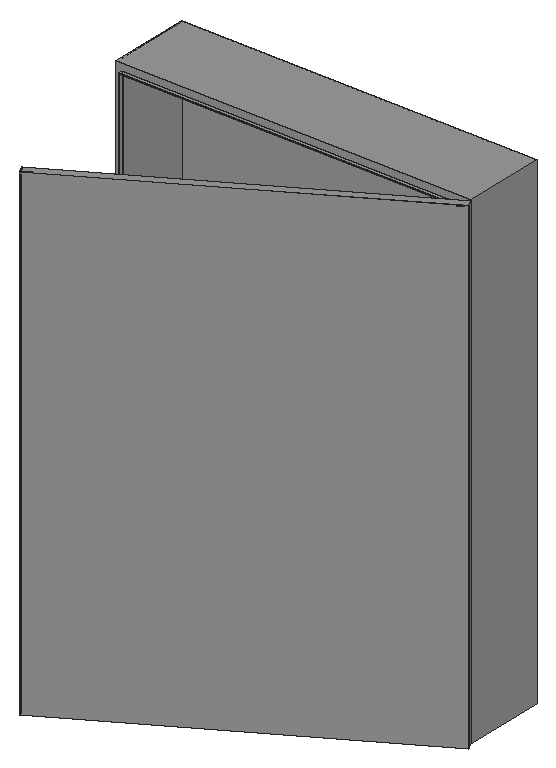
Revit family "Hager-Univers-IP54-D205-H1100-Cl.II-Encl-NoHosted-AT-de", category Equipement électrique, Revit 2020
Family settings
  Configuration du panneau = Deux colonnes, circuits au sein
  Cote de connecteur circulaire = Utiliser le diamètre
  Type d'élément = Tableau de raccordement
  Basée sur le plan de construction = Oui
  Toujours verticalement = Oui
  Couper avec des vides une fois chargée = Non
  Partagée = Non
  Point de calcul de pièce = Non
Parameters (values of type "Aufputz IP54 B800 H1100 T205  - FP73SW2")
  Width Control [instance] = if([EF000008 - Breite] > Min Width, [EF000008 - Breite], Min Width)  # 800 mm
  Commentaires du type = [HG000003 - Bereich]  # "Univers"
  Thickness Door [instance] = if([EF009171 - Materialstärke Tür/Deckel] > 3 mm, 3 mm, [EF009171 - Materialstärke Tür/Deckel])  # 1 mm
  Seal Frame Offset [instance] = 17 mm  # constant formula
  Plinth Visibility [instance] = [HG000027 - Sockelhöhe] > 0 mm  # no
  Min Width [instance] = 100 mm  # constant formula
  Min Depth [instance] = (2 * [EF009170 - Materialstärke Gehäuse]) + 1 mm  # 3 mm
  Min Height [instance] = 100 mm  # constant formula
  Internal Frame Depth [instance] = (Door System Depth * 0.5)  # 9 mm
  Panel Name [instance] = ""  # (empty or 0)
  Model = ""
  HG000027 - Sockelhöhe = 0 mm
  HG000026 - Stehend auf dem Boden = no
  HG000024 - Höhe des unteren Teils = 600 mm
  HG000023 - Gehäuse mit doppeltem Querschnitt = no
  HG000016 - 3D-Türsichtbarkeit [instance] = yes
  HG000015 - Sichtbarkeit der Türöffnung [instance] = no
  HG000014 - Tür rechts [instance] = yes
  HG000013 - Tür links [instance] = not([HG000014 - Tür rechts])  # no
  HG000012 - Türschwenkwinkel [instance] = 30.00°
  HG000010 - Asymmetrische Türen = no
  HG000009 - Doppelflügeligen Tür = no
  HG000006 - Unterputz = no
  HG000004 - Herstellerreferenz = "FP73SW2"
  HG000003 - Bereich = "Univers"
  HG000002 - Mit tür = yes
  Frame Offset Bottom [instance] = 10 mm  # constant formula
  Frame Offset [instance] = 15 mm  # constant formula
  EF015940 - Deckel mit Überdruckentlastung = no
  EF011959 - Schutzart (NEMA) = ""
  EF009554 - Anzahl der Öffnungen für Flanschplatten = 6
  EF009212 - Ausführung Deckel = "EV000116 - geschlossen"
  EF009171 - Materialstärke Tür/Deckel = 1 mm
  EF009170 - Materialstärke Gehäuse = 1 mm
  EF008873 - Nennstrom (In) = 250 A
  EF007800 - Geeignet für Blitzschutz = no
  EF006306 - Mit Schloss = no
  EF006244 - Transparenter Deckel/Tür = no
  EF005474 - Schutzart (IP) = "EV006419 - IP54"
  EF004464 - Art der Tür = "EV002646 - Einzel"
  EF004427 - Anzahl der Module = 252
  EF004293 - Schlagfestigkeit = "EV006815 - IK09"
  EF003532 - Geeignet für Außengebrauch = no
  EF002950 - Breite in Teilungseinheiten = 36
  EF001613 - Funktionserhalt = "EV000494 - ohne"
  EF001596 - Werkstoff des Gehäuses = "EV000179 - Stahl"
  EF001131 - Innentiefe = 130 mm
  EF001088 - Anbaumöglichkeit = yes
  EF000437 - Anzahl der Leitungseinführungen = 6
  EF000339 - Art der Abdeckung = "EV004216 - Tür"
  EF000266 - Anzahl der Reihen = 7
  EF000218 - Einbautiefe = 205 mm
  EF000118 - Mit Montageplatte = no
  EF000116 - RAL-Nummer = "9010"
  EF000049 - Tiefe = 205 mm
  EF000040 - Höhe = 1100 mm
  EF000008 - Breite = 800 mm
  EF000007 - Farbe = "EV000202 - weiß"
  EF000003 - Montageart = "EV000384 - Aufputz"
  Door System Leaf Tolerance [instance] = 1.5 mm  # constant formula
  Door System Depth [instance] = 18 mm  # constant formula
  Door Height [instance] = Height Control - [HG000027 - Sockelhöhe]  # 1100 mm
  Description = ""
  Default Elevation = 1219.2 mm
  Connector Offset [instance] = Height Control / 2  # 550 mm
  Fabricant = "Hager"  # constant formula
  Height Control [instance] = if([EF000040 - Höhe] > Min Height, [EF000040 - Höhe], Min Height)  # 1100 mm
  Depth Control [instance] = if([EF000049 - Tiefe] > Min Depth, [EF000049 - Tiefe], Min Depth)  # 205 mm
  Bottom Top Plate Trim [instance] = 1.5 mm  # constant formula
  Plinth height Ctrl [instance] = if([HG000027 - Sockelhöhe] > 0 mm, [HG000027 - Sockelhöhe], 12 mm)  # 12 mm
Types (5, lengths in mm): name | Width Control | HG000010 - Asymmetrische Türen | HG000009 - Doppelflügeligen Tür | HG000004 - Herstellerreferenz | EF009554 - Anzahl der Öffnungen für Flanschplatten | EF004464 - Art der Tür | EF004427 - Anzahl der Module | EF002950 - Breite in Teilungseinheiten | EF000437 - Anzahl der Leitungseinführungen | EF000008 - Breite
  Aufputz IP54 B1050 H1100 T205  - FP74SW2 | 1050 | no | yes | "FP74SW2" | 8 | "EV003602 - Doppel" | 336 | 48 | 8 | 1050
  Aufputz IP54 B1300 H1100 T205  - FP75SW2 | 1300 | yes | yes | "FP75SW2" | 10 | "EV003602 - Doppel" | 420 | 60 | 10 | 1300
  Aufputz IP54 B300 H1100 T205  - FP71SW2 | 300 | no | no | "FP71SW2" | 2 | "EV002646 - Einzel" | 84 | 12 | 2 | 300
  Aufputz IP54 B550 H1100 T205  - FP72SW2 | 550 | no | no | "FP72SW2" | 4 | "EV002646 - Einzel" | 168 | 24 | 4 | 550
  Aufputz IP54 B800 H1100 T205  - FP73SW2 | 800 | no | no | "FP73SW2" | 6 | "EV002646 - Einzel" | 252 | 36 | 6 | 800
Reference planes
  plane 1 "Center (Front/Back)": y = 0
  plane 2: z = 0
  plane 3 "Center (Left/Right)": x = 0
  plane 4: y = 0
  plane 5: y = 0
  plane 6: z = 0
  plane 7: x = -400
  plane 8: x = 400
  plane 9: x = 399
  plane 10: x = -399
  plane 11: z = 0
  plane 12: z = 1
  plane 13: y = -205
  plane 14: y = -1
  plane 15: x = 0
  plane 16: y = -187
  plane 17: y = -204
  plane 18: y = -186
  plane 19: x = -384
  plane 20: x = 384
  plane 21: z = 11
  plane 22: x = -383
  plane 23: x = 383
  plane 24: z = 0
  plane 25: z = 1100
  plane 26: z = 1100
  plane 27: z = 1084
  plane 28: z = 1099
Forms (mm)
  Extrusion 1, solid, material "Hager_Steel_RAL7035_Light_Grey", detail levels medium+fine
    sketch origin (-208.679, -4572, 0) x (-1, 0, 0) y (0, -1, 0)
      loop
        line (191.321, -4385) -> (-608.679, -4385) -> (-608.679, -4572) -> (191.321, -4572) -> (191.321, -4385)
    from 0 to 1100
  Extrusion 2, void
    sketch origin (-350.771, -205, 1219.2) x (1, 0, 0) y (0, 0, 1)
      loop
        line (-48.229, -120.2) -> (-48.229, -1218.2) -> (749.771, -1218.2) -> (749.771, -120.2) -> (-48.229, -120.2)
    from -19 to -204
  Extrusion 3, void
    sketch origin (-290.084, -187, 1219.2) x (1, 0, 0) y (0, 0, 1)
      loop
        line (-93.916, -1208.2) -> (674.084, -1208.2) -> (674.084, -135.2) -> (-93.916, -135.2) -> (-93.916, -1208.2)
    from 0 to -1
  Extrusion 4, solid, material "Hager_Steel_RAL7035_Light_Grey", visible <- "Plinth Visibility", detail levels medium+fine
    sketch origin (0, 0, 0) x (1, 0, 0) y (0, 1, 0)
      loop
        line (-400, 0) -> (-400, -187) -> (400, -187) -> (400, 0) -> (-400, 0)
    from 0 to 12 <- "Plinth height Ctrl"
  Extrusion 5, solid, material "Hager_Steel_RAL7035_Light_Grey", detail levels coarse
    sketch origin (0, 0, 0) x (1, 0, 0) y (0, 1, 0)
      loop
        line (-400, 0) -> (-400, -205) -> (400, -205) -> (400, 0) -> (-400, 0)
    from 0 to 1100 <- "Height Control"
  Sweep 6, void
    path in 3D
      loop
        line (-400, -187, 12) -> (400, -187, 12) -> (400, 0, 12) -> (-400, 0, 12) -> (-400, -187, 12)
    profile origin (-400, -93.5, 12) x (1, 0, 0) y (0, 0, 1)
      loop
        line (0, 0) -> (0, -1.5) -> (1.5, -1.5)
        arc (1.5, -1.5) -> (1.061, -0.439) -> (0, 0) r 1.5
  Extrusion 7, solid, material "Hager_Steel_RAL7035_Light_Grey", detail levels fine
    sketch origin (-400, -187, 0) x (1, 0, 0) y (0, 0, 1)
      loop
        line (16, 11) -> (784, 11) -> (784, 1084) -> (16, 1084) -> (16, 11)
      loop
        line (15, 10) -> (785, 10) -> (785, 1085) -> (15, 1085) -> (15, 10)
    from 0 to 9 <- "Internal Frame Depth"
Cuts and joins
  Extrusion 2, Extrusion 3 cuts Extrusion 1
  Sweep 6 cuts Extrusion 4
Lines and regions (mm)
  Masking region 1
    outline origin (0, 0, 0) x (1, 0, 0) y (0, 1, 0)
      loop
        line (-400, 0) -> (-400, -205) -> (400, -205) -> (400, 0) -> (-400, 0)
  Masking region 2, detail levels coarse
    outline origin (-290.084, -187, 1219.2) x (-1, 0, 0) y (0, 0, 1)
      loop
        line (-690.084, -1219.2) -> (109.916, -1219.2) -> (109.916, -119.2) -> (-690.084, -119.2) -> (-690.084, -1219.2)
  Masking region 3, detail levels coarse
    outline origin (0, 0, 0) x (0, 1, 0) y (0, 0, 1)
      loop
        line (0, 0) -> (0, 1100) -> (-205, 1100) -> (-205, 0) -> (0, 0)
  Masking region 4, visible <- "Plinth Visibility", detail levels medium+fine
    outline origin (0, 0, 0) x (0, 1, 0) y (0, 0, 1)
      loop
        line (-1.5, 12) -> (-185.5, 12)
        arc (-185.5, 12) -> (-185.939, 10.939) -> (-187, 10.5) r 1.5
        line (-187, 10.5) -> (-187, 0) -> (0, 0) -> (0, 10.5)
        arc (0, 10.5) -> (-1.061, 10.939) -> (-1.5, 12) r 1.5
  Masking region 5, detail levels medium+fine
    outline origin (0, 0, 594.038) x (0, 1, 0) y (0, 0, 1)
      loop
        line (0, -594.038) -> (0, 505.962) -> (-187, 505.962) -> (-187, -594.038) -> (0, -594.038)
  Masking region 6, detail levels medium+fine
    outline origin (-359.7, -187, 1211.883) x (-1, 0, 0) y (0, 0, 1)
      loop
        line (-759.7, -1211.883) -> (40.3, -1211.883) -> (40.3, -111.883) -> (-759.7, -111.883) -> (-759.7, -1211.883)
  Masking region 7, visible <- "Plinth Visibility", detail levels medium+fine
    outline origin (-320.334, -187, 1041.368) x (-1, 0, 0) y (0, 0, 1)
      loop
        line (-720.334, -1041.368) -> (79.666, -1041.368) -> (79.666, -1030.868)
        arc (79.666, -1030.868) -> (78.606, -1030.429) -> (78.166, -1029.368) r 1.5
        line (78.166, -1029.368) -> (-718.834, -1029.368)
        arc (-718.834, -1029.368) -> (-719.273, -1030.429) -> (-720.334, -1030.868) r 1.5
        line (-720.334, -1030.868) -> (-720.334, -1041.368)
  sketch lines
    curve 1: line (-400, 0, 12) -> (-400, -187, 12)
    curve 2: line (-400, -187, 12) -> (400, -187, 12)
    curve 3: line (400, 0, 12) -> (-400, 0, 12)
    curve 4: line (400, -187, 12) -> (400, 0, 12)
Dimensions and locks
  locked: plane 1 "Center (Front/Back)" to plane 5
  "EF009170 - Materialstärke Gehäuse": plane 7 to plane 10
  "EF009170 - Materialstärke Gehäuse": plane 8 to plane 9
  equal spacing: plane 7, plane 3 "Center (Left/Right)", plane 8
  "Width Control": plane 7 to plane 8
  "Depth Control": plane 4 to plane 13
  "EF009170 - Materialstärke Gehäuse": plane 4 to plane 14
  "Height Control": plane 25 to level
  "HG000027 - Sockelhöhe": plane 11 to level
  "EF009170 - Materialstärke Gehäuse": plane 12 to plane 11
  "EF009170 - Materialstärke Gehäuse": plane 17 to plane 13
  "EF009170 - Materialstärke Gehäuse": plane 18 to plane 16
  "Frame Offset Bottom": plane 21 to plane 12
  "Frame Offset": plane 10 to plane 19
  "Frame Offset": plane 9 to plane 20
  "Door System Depth": plane 16 to plane 13
  "Seal Frame Offset": plane 7 to plane 22
  "Seal Frame Offset": plane 8 to plane 23
  "EF009170 - Materialstärke Gehäuse": plane 26 to plane 28
  "Frame Offset": plane 28 to plane 27
  "Connector Offset": plane 2 to connector elem
  "Bottom Top Plate Trim": profile plane to Sweep 6 sketch curve
  "Bottom Top Plate Trim": Sweep 6 sketch curve to Sweep 6 sketch curve
  "Plinth height Ctrl": Masking region 4 sketch curve to level
  "Plinth height Ctrl": Masking region 7 sketch curve to level
  "Thickness Door": Extrusion 7 sketch curve to Extrusion 7 sketch curve  (x4)
  "Bottom Top Plate Trim": radius of Sweep 6 sketch curve
  "Bottom Top Plate Trim": radius of Masking region 4 sketch curve  (x2)
  "Bottom Top Plate Trim": radius of Masking region 7 sketch curve  (x2)
  aligned and locked: Extrusion 2 sketch curve to plane 12
  aligned and locked: Extrusion 2 sketch curve to plane 9
  aligned and locked: Extrusion 2 sketch curve to plane 10
  aligned and locked: Extrusion 2 to plane 14
  aligned and locked: Extrusion 1 sketch curve to plane 4
  aligned and locked: plane 8 to Extrusion 1 sketch curve
  aligned and locked: plane 7 to Extrusion 1 sketch curve
  aligned and locked: Extrusion 2 to plane 18
  aligned and locked: Extrusion 3 sketch curve to plane 19
  aligned and locked: plane 20 to Extrusion 3 sketch curve
  aligned and locked: Extrusion 3 to Extrusion 2
  aligned and locked: Extrusion 3 sketch curve to plane 21
  aligned and locked: plane 3 "Center (Left/Right)" to nested 1
  aligned and locked: Extrusion 1 sketch curve to plane 16
  aligned and locked: Extrusion 4 sketch curve to cut or joined group of Extrusion 1, Extrusion 2, Extrusion 3
  aligned and locked: Masking region 1 sketch curve to plane 7
  aligned and locked: Masking region 1 sketch curve to plane 5
  aligned and locked: Masking region 1 sketch curve to plane 8
  aligned and locked: Masking region 2 sketch curve to level
  aligned and locked: level to Masking region 3 sketch curve
  aligned and locked: plane 1 "Center (Front/Back)" to Masking region 3 sketch curve
  aligned and locked: plane 13 to Masking region 3 sketch curve
  aligned and locked: plane 5 to Masking region 4 sketch curve
  aligned and locked: Masking region 2 sketch curve to plane 8
  aligned and locked: Masking region 2 sketch curve to plane 7
  aligned and locked: plane 7 to nested 2
  aligned and locked: nested 2 to plane 5
  aligned and locked: plane 5 to Masking region 5 sketch curve
  aligned and locked: plane 26 to Masking region 5 sketch curve
  aligned and locked: Extrusion 5 sketch curve to plane 8
  aligned and locked: Extrusion 5 sketch curve to plane 7
  aligned and locked: Extrusion 5 sketch curve to plane 5
  aligned and locked: Extrusion 3 sketch curve to plane 27
  aligned and locked: Extrusion 2 sketch curve to plane 28
  aligned and locked: Masking region 2 to plane 25
  aligned and locked: Extrusion 4 to plane 16
  aligned and locked: profile plane to Sweep 6 sketch curve
  aligned and locked: Masking region 5 sketch curve to plane 24
  aligned and locked: level to Masking region 4 sketch curve
  aligned and locked: Masking region 1 to plane 13
  aligned and locked: nested 1 to plane 16
  aligned and locked: Masking region 3 to plane 25
  aligned and locked: plane 16 to Masking region 4 sketch curve
  aligned and locked: Masking region 5 sketch curve to plane 16
  aligned and locked: plane 24 to plane 11
  aligned and locked: plane 26 to plane 25
  aligned and locked: plane 26 to cut or joined group of Extrusion 1, Extrusion 2, Extrusion 3
  aligned and locked: nested 1 to plane 24
  aligned and locked: Extrusion 1 to Extrusion 3
  aligned and locked: Masking region 6 sketch curve to plane 8
  aligned and locked: Masking region 6 sketch curve to plane 24
  aligned and locked: Masking region 6 sketch curve to plane 7
  aligned and locked: Masking region 6 sketch curve to plane 26
  aligned and locked: Masking region 7 sketch curve to plane 7
  aligned and locked: level to Masking region 7 sketch curve
  aligned and locked: Masking region 7 sketch curve to plane 8
  aligned and locked: Extrusion 7 sketch curve to cut or joined group of Extrusion 1, Extrusion 2, Extrusion 3  (x4)
Automatic sketch dimensions
  plane 19 to Extrusion 3 sketch curve = 0 mm
  Extrusion 3 sketch curve to plane 20 = 0 mm
  Extrusion 3 sketch curve to plane 21 = 0 mm
  Extrusion 4 sketch curve to plane 7 = 0 mm
  Extrusion 4 sketch curve to plane 8 = 0 mm
  Extrusion 4 sketch curve to plane 16 = 0 mm
  Masking region 1 sketch curve to plane 13 = 0 mm
  Masking region 2 sketch curve to plane 25 = 0 mm
  Masking region 3 sketch curve to plane 25 = 0 mm
  Extrusion 5 sketch curve to plane 13 = 0 mm
  profile plane to Sweep 6 sketch curve = 0 mm
Nested families
  nested 1: "EC000058_Univers_Door" at (0, -187, 0), Double <- "HG000009 - Doppelflügeligen Tür", Transparent <- "EF006244 - Transparenter Deckel/Tür", Angle <- "HG000012 - Türschwenkwinkel", Door_Right <- "HG000014 - Tür rechts", Assymetrical <- "HG000010 - Asymmetrische Türen", Door <- "HG000002 - Mit tür", Width_Ctrl <- "Width Control", 3d_Door <- "HG000016 - 3D-Türsichtbarkeit", Clearance <- "HG000015 - Sichtbarkeit der Türöffnung", Door_Left <- "HG000013 - Tür links", Width <- "Width Control", Door_Depth <- "Door System Depth", Leaf_Tolerance <- "Door System Leaf Tolerance", Height <- "Door Height", Lock_Visibility <- "EF006306 - Mit Schloss", Thickness <- "Thickness Door", type "EC000058_Univers_Door", detail levels medium+fine
    with min_wh 3 mm, Width_Ctrl 800 mm, Width 800 mm, Transparent no, Thickness 1 mm, Seal_Material Hager_Rubber, Lock_Visibility no, Lock_Material Hager_Plastic_RAL9005_Jet_Black, Leaf_Width 800 mm, Leaf_Tolerance_External_Sides 0 mm, Leaf_Tolerance 1.5 mm, Leaf_Offset 0 mm, Leaf_Height 1097 mm, Leaf_2_Width 800 mm, Leaf_2_Offset 400 mm, Leaf_1_Width 800 mm, Leaf_1_Offset 400 mm, Height_Ctrl 1100 mm, Height 1100 mm, Glass_Material Hager_Glass, Double_Clearance_Ctrl no, Double no, Door_Right_Ctrl yes, Door_Right yes, Door_Material Hager_Steel_RAL7035_Light_Grey, Door_Left_Ctrl no, Door_Left no, Door_Depth 18 mm, Door yes, Clearance_Material Hager_Clearance, Clearance_Depth 800 mm, Clearance_Ctrl no, Clearance no, Assymetrical no, Angle 30.00°, 3d_Door yes
  nested 2: "Hager_Enclosure_Symbol" at (-400, 0, 0), Height <- "Depth Control", Width <- "Width Control", type "Hager_Enclosure_Symbol"
    with Width_Ctrl 800 mm, Width 800 mm, Height_Ctrl 205 mm, Height 205 mm, A_Width_Int 13.453 mm, A_Width 161.438 mm, A_Height_Ctrl 179.375 mm, A_Height 179.375 mm
Connectors
  electrical at (0, 0, 550)
    settings: on plane 1 "Center (Front/Back)", index 1, voltage 0 V, apparent load 0 VA, apparent load phase1 0 VA, apparent load phase2 0 VA, apparent load phase3 0 VA, power factor 1, load classification "Other", number of poles 1, system type 30, power factor state 1, is connector primary yes, connector utility no, sub classification motor no, connector description ""
Definition of nested family "EC000058_Univers_Door"
  Parameters (values of type "EC000058_Univers_Door")
    min_wh [instance] = (2 * Thickness) + 1 mm  # 11 mm
    Width_Ctrl [instance] = 400 mm
    Width [instance] = 500 mm
    Transparent [instance] = yes
    Thickness [instance] = 5 mm
    Seal_Material [instance] = none
    Lock_Visibility [instance] = yes
    Lock_Material [instance] = none
    Leaf_Width [instance] = if((Width_Ctrl - 2 * Leaf_Tolerance_External_Sides) > 0 mm, (Width_Ctrl - 2 * Leaf_Tolerance_External_Sides), min_wh)  # 400 mm
    Leaf_Tolerance_External_Sides [instance] = 0 mm  # constant formula
    Leaf_Tolerance [instance] = 1.5 mm
    Leaf_Offset [instance] = 0 mm  # constant formula
    Leaf_Height [instance] = if((Height_Ctrl - 2 * Leaf_Tolerance) > 0 mm, (Height_Ctrl - 2 * Leaf_Tolerance), min_wh)  # 497 mm
    Leaf_2_Width [instance] = if(and(and(Double, Assymetrical), Door_Left), (Leaf_Width / 3) - (Leaf_Tolerance / 2), if(and(and(Double, Assymetrical), Door_Right), (Leaf_Width / 3) * 2 - (Leaf_Tolerance / 2), if(and(Double, not(Assymetrical)), (Leaf_Width / 2) - Leaf_Tolerance, Leaf_Width)))  # 400 mm
    Leaf_2_Offset [instance] = if(and(Double, Assymetrical), Leaf_2_Width / 2, if(and(Double, not(Assymetrical)), Leaf_Width / 4, Leaf_Width / 2))  # 200 mm
    Leaf_1_Width [instance] = if(and(and(Double, Assymetrical), Door_Right), (Leaf_Width / 3) - (Leaf_Tolerance / 2), if(and(and(Double, Assymetrical), Door_Left), (Width / 3) * 2 - (Leaf_Tolerance / 2), if(and(Double, not(Assymetrical)), (Leaf_Width / 2) - Leaf_Tolerance, Leaf_Width)))  # 400 mm
    Leaf_1_Offset [instance] = if(and(Double, Assymetrical), Leaf_1_Width / 2, if(and(Double, not(Assymetrical)), Leaf_Width / 4, Leaf_Width / 2))  # 200 mm
    Height_Ctrl [instance] = if(Height > min_wh, Height, min_wh)  # 500 mm
    Height [instance] = 500 mm
    Glass_Material [instance] = none
    Double_Clearance_Ctrl [instance] = and(Double, Clearance)  # no
    Double [instance] = no
    Door_Right_Ctrl [instance] = and(or(Door_Right, Double), Door)  # yes
    Door_Right [instance] = yes
    Door_Material [instance] = none
    Door_Left_Ctrl [instance] = and(or(Door_Left, Double), Door)  # no
    Door_Left [instance] = no
    Door_Depth [instance] = 30 mm
    Door [instance] = yes
    Default Elevation = 1219.2 mm
    Clearance_Material [instance] = none
    Clearance_Depth [instance] = if(Leaf_1_Width > Leaf_2_Width, Leaf_1_Width, Leaf_2_Width)  # 400 mm
    Clearance_Ctrl [instance] = and(not(Double), Clearance)  # yes
    Clearance [instance] = yes
    Assymetrical [instance] = yes
    Angle [instance] = 30.00°
    3d_Door [instance] = yes
  Reference planes
    plane 1 "Center (Front/Back)": y = 0
    plane 2 "Bottom": z = 0
    plane 3 "Center (Left/Right)": x = 0
    plane 4: z = 500
    plane 5: x = -200
    plane 6: x = 200
    plane 7: z = 500
    plane 8: x = -200
    plane 9: z = 0
    plane 10: x = 200
    plane 11: y = 0
    plane 12: z = 1.5
    plane 13: x = -600
    plane 14: y = -400
    plane 15: x = 600
    plane 16: x = 0
    plane 17: x = 0
    plane 18: x = -200
    plane 19: x = 200
    plane 20: z = 498.5
  Forms (mm)
    Extrusion 1, solid, material <- "Clearance_Material", visible <- "Double_Clearance_Ctrl"
      sketch origin (1200, 0, 0) x (1, 0, 0) y (0, 0, -1)
        loop
          line (-1800, -498.5) -> (-600, -498.5) -> (-600, 0) -> (-1800, 0) -> (-1800, -498.5)
      from 0 to -400
  Dimensions and locks
    equal spacing: plane 5, plane 3 "Center (Left/Right)", plane 6
    "Width_Ctrl": plane 5 to plane 6
    "Leaf_Offset": plane 5 to plane 8
    "Leaf_Offset": plane 6 to plane 10
    "Leaf_Offset": plane 9 to level
    "Leaf_Offset": plane 4 to plane 7
    "Height_Ctrl": plane 4 to level
    "Leaf_Tolerance": plane 12 to plane 9
    locked: plane 11 to plane 1 "Center (Front/Back)"
    "Leaf_1_Offset": plane 18 to plane 16
    "Leaf_2_Offset": plane 17 to plane 19
    "Leaf_1_Width": plane 13 to plane 8
    "Leaf_2_Width": plane 10 to plane 15
    "Clearance_Depth": plane 14 to plane 1 "Center (Front/Back)"
    "Leaf_Tolerance_External_Sides": plane 8 to plane 18
    "Leaf_Tolerance_External_Sides": plane 19 to plane 10
    "Leaf_Tolerance": plane 7 to plane 20
    aligned and locked: level to plane 2 "Bottom"
    aligned and locked: nested 1 to plane 16
    aligned and locked: nested 2 to plane 17
    aligned and locked: Extrusion 1 to plane 13
    aligned and locked: plane 15 to Extrusion 1
    aligned and locked: Extrusion 1 to plane 14
    aligned and locked: plane 12 to nested 1
    aligned and locked: nested 2 to plane 12
    aligned and locked: Extrusion 1 to plane 11
    aligned and locked: plane 20 to Extrusion 1
    aligned and locked: nested 2 to plane 11
    aligned and locked: nested 1 to plane 11
  Automatic sketch dimensions
    Extrusion 1 sketch curve to level = 0 mm
    plane 5 to Extrusion 1 sketch curve = 400 mm
    plane 6 to Extrusion 1 sketch curve = 400 mm
    Extrusion 1 sketch curve to plane 4 = 1.5 mm
  Nested families
    nested 1: "EC000058_Univers_Door_Leaf" at (0, 0, 1.5), Width <- "Leaf_1_Width", visible <- "Door_Left_Ctrl", Leaf_Height <- "Leaf_Height", Angle <- "Angle", 3d_Door <- "3d_Door", Transparent <- "Transparent", Clearance Material <- "Clearance_Material", Clearance <- "Clearance_Ctrl", Door_Material <- "Door_Material", Glass_Material <- "Glass_Material", Door_Depth <- "Door_Depth", Lock_Material <- "Lock_Material", Seal_Material <- "Seal_Material", Lock_Visibility <- "Lock_Visibility", Thickness <- "Thickness", type "EC000058_Univers_Door_Leaf"
      with Width 400 mm, Transparent_Glass_Offset 30 mm, Transparent_Ctrl yes, Transparent yes, Thickness 5 mm, Standard no, Seal_Material none, Seal_D2 8 mm, Seal_D1 1 mm, Offset_Internal_Frame 10 mm, Lock_Width 20 mm, Lock_Visibility_3d yes, Lock_Visibility yes, Lock_Thickness_3 3 mm, Lock_Thickness_2 1 mm, Lock_Thickness_1 3 mm, Lock_Radius_Offset_2 16 mm, Lock_Radius_Offset_1 15 mm, Lock_Radius_2 5 mm, Lock_Radius 6 mm, Lock_Offset 5 mm, Lock_Material none, Lock_Height 80 mm, Lock_Cover_Top_Offset_2d 17 mm, Lock_Cover_Height -65 mm, Leaf_Height 497 mm, Internal_Seal_Thickness 8 mm, Internal_Seal_Depth_2 4.5 mm, Internal_Frame_Depth 25 mm, Glass_Thickness -1 mm, Glass_Offset -2 mm, Glass_Material none, Door_Material none, Door_Depth 30 mm, Clearance Material none, Clearance yes, Angle_Ctrl 30.00°, Angle 30.00°, 3d_Door yes
    nested 2: "EC000058_Univers_Door_Leaf" at (0, 0, 1.5) x (-1, 0, 0) z (0, 0, 1), Width <- "Leaf_2_Width", visible <- "Door_Right_Ctrl", Leaf_Height <- "Leaf_Height", Angle <- "Angle", 3d_Door <- "3d_Door", Transparent <- "Transparent", Clearance Material <- "Clearance_Material", Clearance <- "Clearance_Ctrl", Door_Material <- "Door_Material", Glass_Material <- "Glass_Material", Door_Depth <- "Door_Depth", Lock_Material <- "Lock_Material", Seal_Material <- "Seal_Material", Lock_Visibility <- "Lock_Visibility", Thickness <- "Thickness", type "EC000058_Univers_Door_Leaf"
      with Width 400 mm, Transparent_Glass_Offset 30 mm, Transparent_Ctrl yes, Transparent yes, Thickness 5 mm, Standard no, Seal_Material none, Seal_D2 8 mm, Seal_D1 1 mm, Offset_Internal_Frame 10 mm, Lock_Width 20 mm, Lock_Visibility_3d yes, Lock_Visibility yes, Lock_Thickness_3 3 mm, Lock_Thickness_2 1 mm, Lock_Thickness_1 3 mm, Lock_Radius_Offset_2 16 mm, Lock_Radius_Offset_1 15 mm, Lock_Radius_2 5 mm, Lock_Radius 6 mm, Lock_Offset 5 mm, Lock_Material none, Lock_Height 80 mm, Lock_Cover_Top_Offset_2d 17 mm, Lock_Cover_Height -65 mm, Leaf_Height 497 mm, Internal_Seal_Thickness 8 mm, Internal_Seal_Depth_2 4.5 mm, Internal_Frame_Depth 25 mm, Glass_Thickness -1 mm, Glass_Offset -2 mm, Glass_Material none, Door_Material none, Door_Depth 30 mm, Clearance Material none, Clearance yes, Angle_Ctrl 30.00°, Angle 30.00°, 3d_Door yes
  Definition of nested family "EC000058_Univers_Door_Leaf"
    Parameters (values of type "EC000058_Univers_Door_Leaf")
      Width [instance] = 2000 mm
      Transparent_Glass_Offset [instance] = 30 mm
      Transparent_Ctrl [instance] = and(Transparent, [3d_Door])  # yes
      Transparent [instance] = yes
      Thickness [instance] = 5 mm
      Standard [instance] = and(not(Transparent), [3d_Door])  # no
      Seal_Material [instance] = none
      Seal_D2 [instance] = 8 mm  # constant formula
      Seal_D1 [instance] = 1 mm  # constant formula
      Offset_Internal_Frame [instance] = 10 mm  # constant formula
      Lock_Width [instance] = 20 mm  # constant formula
      Lock_Visibility_3d [instance] = and(Lock_Visibility, [3d_Door])  # yes
      Lock_Visibility [instance] = yes
      Lock_Thickness_3 [instance] = 3 mm  # constant formula
      Lock_Thickness_2 [instance] = 1 mm  # constant formula
      Lock_Thickness_1 [instance] = 3 mm  # constant formula
      Lock_Radius_Offset_2 [instance] = Lock_Radius_Offset_1 + 1 mm  # 16 mm
      Lock_Radius_Offset_1 [instance] = 15 mm  # constant formula
      Lock_Radius_2 [instance] = Lock_Radius - 1 mm  # 5 mm
      Lock_Radius [instance] = 6 mm  # constant formula
      Lock_Offset [instance] = 5 mm  # constant formula
      Lock_Material [instance] = none
      Lock_Height [instance] = 80 mm  # constant formula
      Lock_Cover_Top_Offset_2d [instance] = Lock_Radius_Offset_2 + 1 mm  # 17 mm
      Lock_Cover_Height [instance] = -(Lock_Height - Lock_Radius_Offset_1)  # -65 mm
      Leaf_Height [instance] = 2720.336 mm
      Internal_Seal_Thickness [instance] = 8 mm  # constant formula
      Internal_Seal_Depth_2 [instance] = 4.5 mm  # constant formula
      Internal_Frame_Depth [instance] = if(Door_Depth - Thickness > 5 mm, Door_Depth - Thickness, 5 mm)  # 25 mm
      Glass_Thickness [instance] = if(Thickness > 15 mm, Glass_Offset + 10 mm, -1 mm)  # -1 mm
      Glass_Offset [instance] = if(Thickness > 15 mm, -(Thickness + 10 mm) / 2, -2 mm)  # -2 mm
      Glass_Material [instance] = none
      Door_Material [instance] = none
      Door_Depth [instance] = 30 mm
      Default Elevation = 0 mm
      Clearance Material [instance] = none
      Clearance [instance] = yes
      Angle_Ctrl [instance] = if(Angle > 180.00°, 180.00°, Angle)  # 90.00°
      Angle [instance] = 90.00°
      3d_Door [instance] = yes
    Reference planes
      plane 1 "Center (Front/Back)": y = 0
      plane 2: z = 0
      plane 3 "Center (Left/Right)": x = 0
      plane 4: y = 2000
      plane 5: x = -1000
      plane 6: x = 1000
      plane 7: x = -3000
      plane 8: z = 2720.336
      plane 9: z = 30
      plane 10: z = 2690.336
      plane 11: x = 970
      plane 12: x = -970
      plane 13: y = -3
      plane 14: z = 107.833
      plane 15: y = -5
      plane 16: y = -223.314
      plane 17: x = -1000
      plane 18: z = 1360.168
      plane 19: y = 30
    Forms (mm)
      Extrusion 1, solid, material <- "Clearance Material", visible <- "Clearance"
        sketch origin (0, 0, 0) x (1, 0, 0) y (0, 0, 1)
          loop
            line (-3000, 2720.336) -> (-3000, 0) -> (1000, 0) -> (1000, 2720.336) -> (-3000, 2720.336)
        from 0 to -2000
      Extrusion 2, solid, material <- "Door_Material", visible <- "Standard", detail levels medium+fine
        sketch origin (-1000, 0, 0) x (0, 1, 0) y (-1, 0, 0)
          loop
            line (0, 30) -> (0, 25) -> (2000, 25) -> (2000, 30) -> (0, 30)
        from 0 to 2720.336 <- "Leaf_Height"
      Extrusion 3, solid, material <- "Door_Material", visible <- "Transparent_Ctrl", detail levels medium+fine
        sketch origin (-1000, 0, 0) x (0, 1, 0) y (-1, 0, 0)
          loop
            line (0, 25) -> (2000, 25) -> (2000, 30) -> (0, 30) -> (0, 25)
        from 0 to 2720.336 <- "Leaf_Height"
      Extrusion 4, void
        sketch origin (-1025, 2000, 0) x (0, 1, 0) y (0, 0, -1)
          loop
            line (-30, -2690.336) -> (-30, -30) -> (-1970, -30) -> (-1970, -2690.336) -> (-30, -2690.336)
        from 0 to 5 <- "Thickness"
      Sweep 5, solid, material <- "Seal_Material", visible <- "Transparent_Ctrl", detail levels fine
        path in 3D
          loop
            line (-1025, 30, 30) -> (-1025, 30, 2690.336) -> (-1025, 1970, 2690.336) -> (-1025, 1970, 30) -> (-1025, 30, 30)
        profile origin (-1025, 1000, 30) x (1, 0, 0) y (0, 0, 1)
          loop
            line (0, 0) -> (0, -8) -> (1, -8) -> (1, 0) -> (0, 0)
      Extrusion 6, solid, material <- "Glass_Material", visible <- "Transparent_Ctrl", detail levels medium+fine
        sketch origin (-1030, 0, 0) x (0, 1, 0) y (0, 0, -1)
          loop
            line (1970, -2690.336) -> (1970, -30) -> (30, -30) -> (30, -2690.336) -> (1970, -2690.336)
        from -2 <- "Glass_Offset" to -1 <- "Glass_Thickness"
      Extrusion 7, solid, material <- "Door_Material", visible <- "3d_Door", detail levels medium+fine
        sketch origin (-1025, 2000, 0) x (0, -1, 0) y (0, 0, -1)
          loop
            line (0, -2720.336) -> (2000, -2720.336) -> (2000, 0) -> (0, 0) -> (0, -2720.336)
          loop
            line (1995, -5) -> (5, -5) -> (5, -2715.336) -> (1995, -2715.336) -> (1995, -5)
        from 0 to 25 <- "Internal_Frame_Depth"
      Sweep 8, solid, material <- "Seal_Material", visible <- "Transparent_Ctrl", detail levels fine
        path in 3D
          loop
            line (-1025, 0, 0) -> (-1025, 2000, 0) -> (-1025, 2000, 2720.336) -> (-1025, 0, 2720.336) -> (-1025, 0, 0)
        profile origin (-1025, 0, 1360.168) x (1, 0, 0) y (0, 1, 0)
          loop
            line (0, 10) -> (2.975, 10)
            arc (2.975, 10) -> (4.053, 10.447) -> (4.5, 11.525) r 1.525
            line (4.5, 11.525) -> (4.5, 16.527)
            arc (4.5, 16.527) -> (4.069, 17.569) -> (3.027, 18) r 1.473
            line (3.027, 18) -> (0, 18) -> (0, 10)
      Extrusion 9, solid, material <- "Lock_Material", visible <- "Lock_Visibility_3d", detail levels fine
        sketch origin (-1030, 0, 0) x (0, 1, 0) y (0, 0, -1)
          loop
            arc (1993.5, -1400.168) -> (1994.561, -1399.729) -> (1995, -1398.668) r 1.5
            line (1995, -1398.668) -> (1995, -1320.168) -> (1975, -1320.168) -> (1975, -1398.668)
            arc (1975, -1398.668) -> (1975.439, -1399.729) -> (1976.5, -1400.168) r 1.5
            line (1976.5, -1400.168) -> (1993.5, -1400.168)
        from 3 <- "Lock_Thickness_1" to 0
      Blend 10, solid, material <- "Lock_Material", visible <- "Lock_Visibility_3d", detail levels fine
        base sketch origin (-1033, 0, 0) x (0, 1, 0) y (0, 0, -1)
          loop
            line (1975, -1320.168) -> (1975, -1398.668)
            arc (1975, -1398.668) -> (1975.439, -1399.729) -> (1976.5, -1400.168) r 1.5
            line (1976.5, -1400.168) -> (1993.5, -1400.168)
            arc (1993.5, -1400.168) -> (1994.561, -1399.729) -> (1995, -1398.668) r 1.5
            line (1995, -1398.668) -> (1995, -1320.168) -> (1975, -1320.168)
        top sketch origin (-1033, 0, 0) x (0, 1, 0) y (0, 0, -1)
          loop
            line (1976, -1320.168) -> (1976, -1398.668)
            arc (1976, -1398.668) -> (1976.146, -1399.022) -> (1976.5, -1399.168) r 0.5
            line (1976.5, -1399.168) -> (1993.5, -1399.168)
            arc (1993.5, -1399.168) -> (1993.854, -1399.022) -> (1994, -1398.668) r 0.5
            line (1994, -1398.668) -> (1994, -1320.168) -> (1976, -1320.168)
        from 0 to 1 <- "Lock_Thickness_2"
      Blend 11, solid, material <- "Lock_Material", visible <- "Lock_Visibility_3d", detail levels fine
        base sketch origin (-1034, 0, 0) x (0, 1, 0) y (0, 0, -1)
          loop
            line (1978, -1320.168) -> (1978, -1384.168)
            arc (1978, -1384.168) -> (1985, -1391.168) -> (1992, -1384.168) r 7
            line (1992, -1384.168) -> (1992, -1320.168) -> (1978, -1320.168)
        top sketch origin (-1034, 0, 0) x (0, 1, 0) y (0, 0, -1)
          loop
            line (1991, -1320.168) -> (1979, -1320.168) -> (1979, -1383.168)
            arc (1979, -1383.168) -> (1985, -1389.168) -> (1991, -1383.168) r 6
            line (1991, -1383.168) -> (1991, -1320.168)
        from 0 to 3 <- "Lock_Thickness_3"
      Extrusion 12, solid, material <- "Lock_Material", visible <- "Lock_Visibility_3d", detail levels fine
        sketch origin (-1030, 1975, 1320.168) x (1, 0, 0) y (0, -1, 0)
          loop
            line (-7, -19) -> (-7, -1) -> (0, -1) -> (0, 0) -> (-8, 0) -> (-8, -20) -> (0, -20) -> (0, -19) -> (-7, -19)
        from 0 to -65 <- "Lock_Cover_Height"
      Extrusion 13, void
        sketch origin (-1038, 1995, 1320.168) x (-1, 0, 0) y (0, 0, -1)
          loop
            line (-5, -65) -> (0, -65) -> (-5, -60) -> (-5, -65)
        from 0 to 20 <- "Lock_Width"
      Extrusion 14, void
        sketch origin (-1038, 1975, 1320.168) x (0, -1, 0) y (0, 0, -1)
          loop
            circle (-10, -15.995) r 6
          loop
            circle (-10, -15.995) r 5
        from 0 to 2
      Extrusion 15, solid, material <- "Lock_Material", visible <- "Lock_Visibility_3d", detail levels medium
        sketch origin (-1030, 0, 0) x (0, 1, 0) y (0, 0, -1)
          loop
            arc (1993.5, -1400.168) -> (1994.561, -1399.729) -> (1995, -1398.668) r 1.5
            line (1995, -1398.668) -> (1995, -1320.168) -> (1975, -1320.168) -> (1975, -1398.668)
            arc (1975, -1398.668) -> (1975.439, -1399.729) -> (1976.5, -1400.168) r 1.5
            line (1976.5, -1400.168) -> (1993.5, -1400.168)
        from 8 to 0
    Cuts and joins
      Extrusion 4 cuts Extrusion 3
      Extrusion 13, Extrusion 14 cuts Extrusion 9
      Extrusion 14 cuts Blend 11
      Extrusion 13, Extrusion 14 cuts Extrusion 12
      joined: Extrusion 9, Blend 10, Blend 11, Extrusion 12
      Extrusion 14 cuts Extrusion 15
    Lines and regions (mm)
      Masking region 1, visible <- "Lock_Visibility", detail levels fine
        outline origin (0, 0, 0) x (0, 1, 0) y (0, 0, 1)
          loop
            line (30, 1320.168) -> (33, 1320.168) -> (33, 1400.168) -> (30, 1400.168) -> (30, 1320.168)
      Masking region 2, visible <- "Lock_Visibility", detail levels fine
        outline origin (0, 3.143, 0) x (0, 1, 0) y (0, 0, 1)
          loop
            line (29.857, 1354.168) -> (30.857, 1354.168) -> (30.857, 1366.168) -> (29.857, 1366.168) -> (29.857, 1354.168)
      Masking region 3, detail levels medium+fine
        outline origin (0, 0, 0) x (0, 1, 0) y (0, 0, 1)
          loop
            line (0, 0) -> (30, 0) -> (30, 2720.336) -> (0, 2720.336) -> (0, 0)
      Masking region 4, detail levels medium+fine
        outline origin (0, 0, 0) x (1, 0, 0) y (0, 0, 1)
          loop
            line (-1000, 2720.336) -> (-1000, 0) -> (1000, 0) -> (1000, 2720.336) -> (-1000, 2720.336)
      Masking region 5, visible <- "Lock_Visibility", detail levels fine
        outline origin (-47.116, 0, 0) x (1, 0, 0) y (0, 0, 1)
          loop
            arc (1024.616, 1399.168) -> (1023.556, 1398.729) -> (1023.116, 1397.668) r 1.5
            line (1023.116, 1397.668) -> (1023.116, 1320.168) -> (1041.116, 1320.168) -> (1041.116, 1397.668)
            arc (1041.116, 1397.668) -> (1040.677, 1398.729) -> (1039.616, 1399.168) r 1.5
            line (1039.616, 1399.168) -> (1024.616, 1399.168)
      Masking region 6, visible <- "Lock_Visibility", detail levels medium+fine
        outline origin (-25, 0, 0) x (1, 0, 0) y (0, 0, 1)
          loop
            arc (1001.5, 1400.168) -> (1000.439, 1399.729) -> (1000, 1398.668) r 1.5
            line (1000, 1398.668) -> (1000, 1320.168) -> (1020, 1320.168) -> (1020, 1398.668)
            arc (1020, 1398.668) -> (1019.561, 1399.729) -> (1018.5, 1400.168) r 1.5
            line (1018.5, 1400.168) -> (1001.5, 1400.168)
      Masking region 7, visible <- "Lock_Visibility", detail levels fine
        outline origin (-73.735, 0, 0) x (1, 0, 0) y (0, 0, 1)
          loop
            line (1051.735, 1382.168) -> (1065.735, 1382.168) -> (1065.735, 1384.168)
            arc (1065.735, 1384.168) -> (1058.735, 1391.168) -> (1051.735, 1384.168) r 7
            line (1051.735, 1384.168) -> (1051.735, 1382.168)
      Masking region 8, visible <- "Lock_Visibility", detail levels fine
        outline origin (-73.735, 0, 0) x (1, 0, 0) y (0, 0, 1)
          loop
            line (1052.735, 1382.168) -> (1064.735, 1382.168) -> (1064.735, 1383.168)
            arc (1064.735, 1383.168) -> (1058.735, 1389.168) -> (1052.735, 1383.168) r 6
            line (1052.735, 1383.168) -> (1052.735, 1382.168)
      Masking region 9, visible <- "Lock_Visibility", detail levels fine
        outline origin (-25, 0, 0) x (1, 0, 0) y (0, 0, 1)
          loop
            line (1020, 1320.168) -> (1020, 1382.168) -> (1000, 1382.168) -> (1000, 1320.168) -> (1020, 1320.168)
      Masking region 10, detail levels medium+fine
        outline origin (0, 0, 0) x (1, 0, 0) y (0, 0, 1)
          loop
            circle (985, 1335.144) r 6
      Masking region 11, detail levels fine
        outline origin (0, 0, 0) x (1, 0, 0) y (0, 0, 1)
          loop
            circle (985, 1335.144) r 5
      Masking region 12, visible <- "Lock_Visibility", detail levels fine
        outline origin (0, 12.767, 0) x (0, 1, 0) y (0, 0, 1)
          loop
            line (20.233, 1320.168) -> (21.233, 1320.168) -> (21.233, 1399.168) -> (20.233, 1400.168) -> (20.233, 1320.168)
      Masking region 13, visible <- "Lock_Visibility", detail levels fine
        outline origin (0, 13.767, -10) x (0, 1, 0) y (0, 0, 1)
          loop
            line (20.233, 1330.168) -> (23.233, 1330.168) -> (23.233, 1399.168) -> (20.233, 1402.168) -> (20.233, 1330.168)
      Masking region 14, visible <- "Lock_Visibility", detail levels fine
        outline origin (0, 12.767, -10) x (0, 1, 0) y (0, 0, 1)
          loop
            line (20.233, 1330.168) -> (25.233, 1330.168) -> (25.233, 1399.305) -> (20.233, 1394.305) -> (20.233, 1330.168)
      Masking region 15, visible <- "Lock_Visibility", detail levels medium
        outline origin (0, 0, 0) x (0, 1, 0) y (0, 0, 1)
          loop
            line (30, 1320.168) -> (38, 1320.168) -> (38, 1400.168) -> (30, 1400.168) -> (30, 1320.168)
      Masking region 16, visible <- "Lock_Visibility", detail levels fine
        outline origin (-1000, 0, 0) x (0, 1, 0) y (-1, 0, 0)
          loop
            line (1975, 30) -> (1995, 30) -> (1995, 38) -> (1975, 38) -> (1975, 30)
          loop
            line (1979, 37) -> (1976, 37) -> (1976, 34) -> (1978, 34) -> (1979, 37)
          loop
            line (1994, 37) -> (1991, 37) -> (1992, 34) -> (1994, 34) -> (1994, 37)
      Masking region 17, visible <- "Lock_Visibility", detail levels medium
        outline origin (-1000, 0, 0) x (0, 1, 0) y (-1, 0, 0)
          loop
            line (1975, 30) -> (1995, 30) -> (1995, 38) -> (1975, 38) -> (1975, 30)
      symbolic lines
        curve 1: line (1000, 0, 0) -> (-3000, 0, 0)
        curve 2: arc (1000, 0, 0) -> (-1000, 2000, 0) -> (-3000, 0, 0) r 2000
        curve 4: line (-1030, 0, 0) -> (-1030, 2000, 0)
      reference lines
        curve 3: line (-1000, 0, 0) -> (-1000, 2000, 0)
      symbolic lines, detail levels medium+fine
        curve 5: line (-1030, 2000, 0) -> (-1025, 2000, 0)
        curve 7: line (-1025, 0, 0) -> (-1030, 0, 0)
        curve 8: line (-1025, 0, 0) -> (-1000, 0, 0)
        curve 9: line (-1000, 0, 0) -> (-1000, 2000, 0)
        curve 10: line (-1000, 2000, 0) -> (-1025, 2000, 0)
      symbolic lines, detail levels fine
        curve 6: line (-1025, 2000, 0) -> (-1025, 0, 0)
      sketch lines
        curve 11: line (-1025, 0, 2720.336) -> (-1025, 0, 0)
        curve 12: line (-1025, 2000, 0) -> (-1025, 0, 0)
        curve 13: line (-1025, 2000, 2720.336) -> (-1025, 2000, 0)
        curve 14: line (-1025, 0, 2720.336) -> (-1025, 2000, 2720.336)
        curve 15: line (-1025, 1970, 30) -> (-1025, 30, 30)
        curve 16: line (-1025, 30, 30) -> (-1025, 30, 2690.336)
        curve 17: line (-1025, 1970, 2690.336) -> (-1025, 1970, 30)
        curve 18: line (-1025, 30, 2690.336) -> (-1025, 1970, 2690.336)
      symbolic lines, visible <- "Transparent", detail levels medium+fine
        curve 19: line (-970, 0, 2690.336) -> (970, 0, 2690.336)
        curve 20: line (-970, 0, 30) -> (-970, 0, 2690.336)
        curve 21: line (970, 0, 30) -> (-970, 0, 30)
        curve 22: line (970, 0, 2690.336) -> (970, 0, 30)
    Dimensions and locks
      "Width": plane 1 "Center (Front/Back)" to plane 4
      equal spacing: plane 5, plane 3 "Center (Left/Right)", plane 6
      "Width": plane 5 to plane 6
      "Width": plane 7 to plane 5
      "Leaf_Height": plane 8 to level
      "Width": curve 5 to curve 3
      "Width": curve 3 to curve 3
      plane 8 to plane 10 = 30 mm
      plane 9 to level = 30 mm
      plane 12 to plane 5 = 30 mm
      plane 6 to plane 11 = 30 mm
      Extrusion 1 to Extrusion 4 sketch curve = 30 mm
      "Transparent_Glass_Offset": curve 3 to Extrusion 4 sketch curve
      "Transparent_Glass_Offset": Extrusion 4 sketch curve to cut or joined group of Extrusion 3, Extrusion 4  (x2)
      cut or joined group of Extrusion 3, Extrusion 4 to Extrusion 6 sketch curve = 30 mm
      "Transparent_Glass_Offset": cut or joined group of Extrusion 3, Extrusion 4 to Extrusion 4 sketch curve
      "Thickness": curve 6 to curve 4
      "Thickness": Extrusion 7 sketch curve to Extrusion 7 sketch curve  (x4)
      "Door_Depth": curve 4 to curve 3
      "Offset_Internal_Frame": profile plane to Sweep 8 sketch curve
      "Internal_Seal_Thickness": Sweep 8 sketch curve to Sweep 8 sketch curve
      "Internal_Seal_Depth_2": profile plane to Sweep 8 sketch curve
      "Seal_D1": profile plane to Sweep 5 sketch curve
      "Seal_D2": profile plane to Sweep 5 sketch curve
      "Thickness": Extrusion 2 sketch curve to Extrusion 2 sketch curve
      equal spacing: Extrusion 9 sketch curve, plane 18, Extrusion 9 sketch curve  (x2)
      equal spacing: Masking region 1 sketch curve, plane 18, Masking region 1 sketch curve
      "Lock_Height": Masking region 1 sketch curve to Masking region 1 sketch curve
      "Lock_Radius": Masking region 2 sketch curve to plane 18 to Masking region 2 sketch curve
      Masking region 2 sketch curve to Masking region 1 = 1 mm
      "Door_Depth": plane 19 to plane 1 "Center (Front/Back)"
      "Lock_Thickness_1": Masking region 1 sketch curve to plane 19
      "Lock_Width": Extrusion 9 sketch curve to Extrusion 9 sketch curve
      "Lock_Height": Extrusion 9 sketch curve to Extrusion 9 sketch curve
      "Lock_Offset": cut or joined group of Extrusion 3, Extrusion 4 to Extrusion 9 sketch curve
      equal spacing: plane 8, plane 18, level
      "Lock_Radius_Offset_1": Blend 11 sketch curve to Blend 10
      locked: Blend 10 to Blend 11 sketch curve at 2  (x2)
      locked: var sketch to Blend 11 sketch curve at 1  (x2)
      "Lock_Radius_Offset_2": Blend 11 sketch curve to Blend 10
      locked: Extrusion 12 sketch curve to Extrusion 12 sketch curve at 1  (x3)
      Masking region 6 sketch curve to Masking region 6 sketch curve = 80 mm
      "Lock_Height": Masking region 6 sketch curve to Masking region 6 sketch curve
      "Lock_Width": Masking region 6 sketch curve to Masking region 6 sketch curve
      locked: Masking region 6 to Masking region 5 sketch curve at 1  (x3)
      locked: Masking region 5 to Masking region 7 sketch curve at 2  (x2)
      "Lock_Radius_Offset_1": Masking region 5 to Masking region 7 sketch curve
      "Lock_Radius_Offset_2": Masking region 5 to Masking region 8 sketch curve
      locked: Masking region 7 to Masking region 8 sketch curve at 1  (x2)
      "Lock_Cover_Top_Offset_2d": Masking region 5 to Masking region 9 sketch curve
      equal spacing: Masking region 9, Masking region 10 sketch curve, Masking region 9
      equal spacing: Masking region 9, Masking region 11 sketch curve, Masking region 9
      Extrusion 15 sketch curve to Extrusion 15 sketch curve = 80 mm
      "Lock_Width": Extrusion 15 sketch curve to Extrusion 15 sketch curve
      "Lock_Height": Extrusion 15 sketch curve to Extrusion 15 sketch curve
      equal spacing: Extrusion 15 sketch curve, plane 18, Extrusion 15 sketch curve
      "Lock_Thickness_3": Masking region 13 sketch curve to Masking region 13 sketch curve
      "Lock_Height": Masking region 12 sketch curve to Masking region 12 sketch curve
      locked: Masking region 13 sketch curve to Masking region 1 at 8
      locked: Masking region 14 sketch curve to Masking region 13 at 1
      locked: Masking region 14 sketch curve to Masking region 1 at 10.863
      "Lock_Height": Masking region 15 sketch curve to Masking region 15 sketch curve
      "Lock_Offset": Extrusion 15 sketch curve to cut or joined group of Extrusion 3, Extrusion 4
      "Lock_Offset": plane 6 to Masking region 6 sketch curve
      radius of Sweep 8 sketch curve = 1.525 mm
      radius of Sweep 8 sketch curve = 1.473 mm
      radius of Extrusion 9 sketch curve = 1.5 mm  (x2)
      "Lock_Radius": radius of Extrusion 14 sketch curve
      "Lock_Radius_2": radius of Extrusion 14 sketch curve
      "Lock_Radius": radius of Masking region 10 sketch curve
      "Lock_Radius_2": radius of Masking region 11 sketch curve
      radius of Extrusion 15 sketch curve = 1.5 mm  (x2)
      "Angle_Ctrl": angle plane 1 "Center (Front/Back)" to curve 3
      locked: Masking region 12 sketch curve to Masking region 12 sketch curve (angle 45.00°)
      locked: Masking region 13 sketch curve to Masking region 13 sketch curve (angle 45.00°)
      locked: Masking region 14 sketch curve to Masking region 14 sketch curve (angle 45.00°)
      aligned and locked: level to plane 2
      aligned and locked: Extrusion 1 to curve 1
      aligned and locked: plane 6 to Extrusion 1
      aligned and locked: Extrusion 1 to plane 1 "Center (Front/Back)"
      aligned and locked: plane 4 to Extrusion 1
      aligned and locked: plane 8 to Extrusion 1
      aligned and locked: curve 7 to Extrusion 2 sketch curve
      aligned and locked: curve 5 to Extrusion 2 sketch curve
      aligned and locked: curve 7 to Extrusion 3 sketch curve
      aligned and locked: Extrusion 3 sketch curve to curve 4
      aligned and locked: Extrusion 3 sketch curve to curve 6
      aligned and locked: Extrusion 3 sketch curve to curve 5
      aligned and locked: curve 9 to curve 3
      aligned and locked: Extrusion 7 sketch curve to cut or joined group of Extrusion 3, Extrusion 4  (x4)
      aligned and locked: plane 17 to curve 3
      aligned and locked: plane 1 "Center (Front/Back)" to curve 3
      aligned and locked: plane 17 to plane 5
      aligned and locked: Sweep 8 sketch curve to profile plane
      aligned and locked: Sweep 5 sketch curve to profile plane  (x2)
      aligned and locked: Masking region 1 to Masking region 2 sketch curve
      aligned and locked: plane 19 to Masking region 1 sketch curve
      aligned and locked: plane 1 "Center (Front/Back)" to Masking region 3 sketch curve
      aligned and locked: plane 19 to Masking region 3 sketch curve
      aligned and locked: level to Masking region 3 sketch curve
      aligned and locked: Masking region 3 sketch curve to plane 8
      aligned and locked: plane 17 to Masking region 4 sketch curve
      aligned and locked: level to Masking region 4 sketch curve
      aligned and locked: Masking region 4 sketch curve to plane 8
      aligned and locked: plane 12 to curve 20
      aligned and locked: plane 10 to curve 19
      aligned and locked: plane 11 to curve 22
      aligned and locked: curve 21 to plane 9
      aligned and locked: Extrusion 2 sketch curve to cut or joined group of Extrusion 3, Extrusion 4
      aligned and locked: Blend 10 sketch curve to Extrusion 9  (x4)
      aligned and locked: Extrusion 9 to Blend 10 sketch curve
      aligned and locked: Blend 10 to Blend 11 sketch curve
      aligned and locked: Extrusion 12 sketch curve to Blend 11
      aligned and locked: Extrusion 12 sketch curve to Extrusion 9  (x4)
      aligned and locked: Masking region 5 sketch curve to Masking region 6
      aligned and locked: Masking region 9 sketch curve to Masking region 6  (x3)
      aligned and locked: Masking region 12 sketch curve to Masking region 1
      aligned and locked: Masking region 13 sketch curve to Masking region 1
      aligned and locked: Masking region 12 to Masking region 14
      aligned and locked: Masking region 14 sketch curve to Masking region 1
      aligned and locked: Masking region 15 sketch curve to Masking region 14
      aligned and locked: Masking region 13 sketch curve to Masking region 12
      aligned and locked: Masking region 16 sketch curve to cut or joined group of Extrusion 14, Extrusion 15  (x4)
      aligned and locked: Masking region 16 sketch curve to cut or joined group of Extrusion 9, Blend 10, Blend 11, Extrusion 12, Extrusion 13, Extrusion 14  (x6)
      aligned and locked: cut or joined group of Extrusion 9, Blend 10, Blend 11, Extrusion 12, Extrusion 13, Extrusion 14 to Masking region 16 sketch curve
      aligned and locked: Masking region 17 sketch curve to cut or joined group of Extrusion 14, Extrusion 15  (x3)
      aligned and locked: Masking region 17 sketch curve to cut or joined group of Extrusion 9, Blend 10, Blend 11, Extrusion 12, Extrusion 13, Extrusion 14
      aligned and locked: Masking region 9 to Masking region 8 sketch curve
      aligned and locked: Masking region 9 to Masking region 7 sketch curve
    Automatic sketch dimensions
      plane 1 "Center (Front/Back)" to curve 2 = 0 mm
      curve 2 to plane 5 = 0 mm
      Extrusion 1 sketch curve to level = 0 mm
      Extrusion 1 sketch curve to plane 7 = 0 mm
      Extrusion 1 sketch curve to plane 6 = 0 mm
      Extrusion 1 sketch curve to plane 8 = 0 mm
      Extrusion 3 to Extrusion 6 sketch curve = 30 mm  (x4)
      Masking region 4 sketch curve to plane 6 = 0 mm
      Blend 10 sketch curve to Extrusion 9 = 1.5 mm
      Blend 10 sketch curve to Extrusion 9 = 1 mm
      Extrusion 13 sketch curve to Extrusion 12 = 0 mm  (x2)
      Extrusion 12 to Extrusion 13 sketch curve = 3 mm
      Extrusion 13 sketch curve to Extrusion 12 = 5 mm
      Extrusion 14 sketch curve to Extrusion 14 sketch curve = 0 mm  (x2)
      Extrusion 14 sketch curve to Extrusion 12 = 10 mm
      Extrusion 14 sketch curve to Extrusion 12 = 15.995 mm
      Masking region 5 sketch curve to Masking region 5 sketch curve = 1.5 mm  (x2)
      Masking region 10 sketch curve to plane 18 = 25.024 mm
      Masking region 11 sketch curve to plane 18 = 25.024 mm
      plane 19 to Masking region 14 sketch curve = 3 mm
      Masking region 16 sketch curve to Masking region 16 sketch curve = 3 mm
      curve 4 to curve 3 = 0 mm
      Blend 10 to Blend 11 sketch curve = 0 mm
      Masking region 6 sketch curve to Masking region 6 sketch curve = 1.5 mm  (x2)
      Masking region 6 sketch curve to plane 18 = 40 mm
      plane 19 to Masking region 12 sketch curve = 3 mm
      Masking region 12 sketch curve to Masking region 12 sketch curve = 1 mm
      Masking region 15 sketch curve to plane 19 = 0 mm
      Masking region 15 sketch curve to plane 18 = 40 mm
      radius of Blend 10 sketch curve to Extrusion 9 = 1 mm
Definition of nested family "Hager_Enclosure_Symbol"
  Parameters (values of type "Hager_Enclosure_Symbol")
    Width_Ctrl [instance] = if(Width > 1 mm, Width, 1 mm)  # 102.27 mm
    Width [instance] = 102.27 mm
    Height_Ctrl [instance] = if(Height > 1 mm, Height, 1 mm)  # 66.5 mm
    A_Width_Int [instance] = if(A_Width / 12 > 2 mm, A_Width / 12, 2 mm)  # 4.364 mm
    A_Width [instance] = if(A_Height_Ctrl * 0.9 > 2 mm, A_Height_Ctrl * 0.9, 2 mm)  # 52.369 mm
    A_Height_Ctrl [instance] = if(A_Height > 2 mm, A_Height, 2 mm)  # 58.188 mm
    Height [instance] = 66.5 mm
    A_Height [instance] = Height - (Height / 8)  # 58.188 mm
  Reference planes
    plane 1 "Centre (avant/arrière)": y = 0
    plane 2: z = 0
    plane 3 "Centre (gauche/droite)": x = 0
    plane 4: x = 52.369
    plane 5: y = 33.042
    plane 6: y = 41.77
    plane 7: y = 66.5
    plane 8: x = 26.184
    plane 9: y = 37.406
    plane 10: x = 102.27
    plane 11: y = 66.5
    plane 12: y = 8.313
  Lines and regions (mm)
    Filled region 1, type "Solid_Black", in view "Niveau de réf."
      outline origin (0, 0, 0) x (1, 0, 0) y (0, 1, 0)
        loop
          line (52.369, 66.5) -> (33.188, 54.536) -> (45.365, 45.006) -> (52.369, 66.5)
    Filled region 2, type "Solid_Black", in view "Niveau de réf."
      outline origin (0, 0, 0) x (1, 0, 0) y (0, 1, 0)
        loop
          line (0, 0) -> (102.27, 0) -> (102.27, 66.5) -> (0, 0)
    detail lines, in view "Niveau de réf."
      curve 1: line (0, 8.313, 0) -> (26.184, 41.77, 0)
      curve 2: line (26.184, 41.77, 0) -> (26.184, 33.042, 0)
      curve 3: line (26.184, 33.042, 0) -> (52.369, 66.5, 0)
  Dimensions and locks
    "A_Width": plane 3 "Centre (gauche/droite)" to plane 4
    equal spacing: plane 3 "Centre (gauche/droite)", plane 8, plane 4
    equal spacing: plane 6, plane 9, plane 5
    equal spacing: curve 3, Filled region 1 sketch curve, Filled region 1 sketch curve
    "Height_Ctrl": plane 1 "Centre (avant/arrière)" to plane 11
    "A_Height_Ctrl": plane 11 to plane 12
    equal spacing: plane 11, plane 9, plane 12
    "A_Width_Int": plane 6 to plane 9
    "Width_Ctrl": plane 3 "Centre (gauche/droite)" to plane 10
    angle Filled region 1 sketch curve to curve 3 = 20.00°
    angle curve 3 to Filled region 1 sketch curve = 20.00°
    locked: curve 3 to Filled region 1 sketch curve (angle 90.00°)
    aligned and locked: plane 10 to Filled region 2
    aligned and locked: plane 11 to Filled region 2 sketch curve
    aligned and locked: plane 10 to Filled region 2 sketch curve
    aligned and locked: plane 3 "Centre (gauche/droite)" to curve 1
    aligned and locked: plane 12 to curve 1
    aligned and locked: plane 7 to plane 11
  Automatic sketch dimensions
    Filled region 1 sketch curve to plane 4 = 0 mm
    Filled region 1 sketch curve to plane 7 = 0 mm
    plane 1 "Centre (avant/arrière)" to Filled region 2 sketch curve = 0 mm
    Filled region 2 sketch curve to plane 3 "Centre (gauche/droite)" = 0 mm
    curve 2 to plane 6 = 0 mm
    curve 2 to plane 8 = 0 mm
    curve 3 to plane 4 = 0 mm
    curve 2 to plane 5 = 0 mm
    curve 3 to plane 7 = 0 mm
